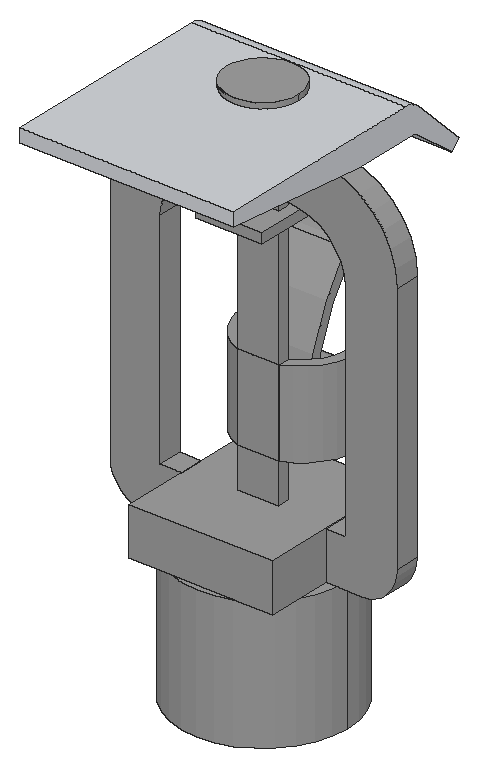
Revit family
Parameters (values of type "RASCO G VSW")
  Temperature Rating = 165 °F
  Response = (empty or 0)
  RASCO SIN # = "R1285"
  RASCO Part # = "GV1C"
  Pressure Rating = "175 PSI"
  Pressure Class = (empty or 0)
  Orifice Size = 1/2"
  Orifice = (empty or 0)
  Model = "G"
  Manufacturer = "RASCO"
  K-Factor = 5.62
  Description = "Chrome Finish"
  Coverage = (empty or 0)
Reference planes (in)
  plane 1 "Center (Front/Back)": y = 0
  plane 2: z = 0
  plane 3 "Center (Left/Right)": x = 0
Dimensions and locks (in)
  aligned and locked: plane 2 to level
Nested families (in)
  nested 1: "GV1C" at (0, 0, 0), type "RASCO G VSW"
Connectors (in)
  piping at (0, 0, 0)
    settings: on nested 1, index 1, connector radius 0.45", flow factor 0, pipe flow 0 GPM, pressure drop 0.00 psi, fitting loss kfactor 0, connector angle 0.00°, fixture units 0, flow configuration 0, flow direction 0, fitting loss method 0, system type 7, connector reference index -1, connector utility 0, adjustable connector no, is connector primary yes, fitting loss table "", connector description ""
Definition of nested family "GV1C"
  Parameters (values of type "RASCO G VSW")
    Type Comments = ""
    Temperature Rating = 0 °F
    Response = (empty or 0)
    Pressure Rating = "0"
    Pressure Class = (empty or 0)
    Orifice Size = 0"
    Orifice = (empty or 0)
    Model = ""
    Manufacturer = ""
    K-Factor = 0
    Description = ""
    Coverage = (empty or 0)
    Assembly Code = ""
  Reference planes (in)
    plane 1 "Center (Front/Back)": y = 0
    plane 2: z = 0
    plane 3 "ref.2": z = 0.6875
    plane 4 "ref.3": z = 0.9375
    plane 5: x = -0.38065
    plane 6: x = 0.36935
    plane 7 "ref. side 1": y = 0.06402
    plane 8 "ref. side 2": y = -0.06098
    plane 9 "ref.4": z = 1.875
    plane 10 "ref.5": z = 2.875
    plane 11 "center": x = -0.00574
  Forms (in)
    Extrusion 1, solid, material "Default"
      sketch origin (0, 0, 0) x (1, 0, 0) y (0, 1, 0)
        loop
          circle (0, 0) r 0.438
      from 0 to 0.6875
    Extrusion 2, solid, material "Default"
      sketch origin (-0.12185, 0.05177, 0.6875) x (1, 0, 0) y (0, 1, 0)
        loop
          line (-0.2588, 0.356) -> (-0.2588, -0.4565) -> (0.4912, -0.4565) -> (0.4912, 0.356) -> (-0.2588, 0.356)
      from 0 to 0.25
    Extrusion 3, solid, material "Default"
      sketch origin (0, 0, 0) x (1, 0, 0) y (0, 0, 1)
        loop
          line (-0.49248, 0.9375) -> (-0.49248, 2.10276)
          arc (-0.49248, 2.10276) -> (-0.40724, 2.30855) -> (-0.20145, 2.39379) r 0.29103
          line (-0.20145, 2.39379) -> (0.18108, 2.39379)
          arc (0.18108, 2.39379) -> (0.38905, 2.30765) -> (0.47519, 2.09969) r 0.29411
          line (0.47519, 2.09969) -> (0.47519, 0.9375) -> (0.36935, 0.9375) -> (0.36935, 0.6875) -> (0.55741, 0.6875)
          arc (0.55741, 0.6875) -> (0.69165, 0.7431) -> (0.74725, 0.87734) r 0.18984
          line (0.74725, 0.87734) -> (0.74725, 2.19113)
          arc (0.74725, 2.19113) -> (0.61669, 2.50631) -> (0.3015, 2.63687) r 0.44574
          line (0.3015, 2.63687) -> (-0.30719, 2.63687)
          arc (-0.30719, 2.63687) -> (-0.62225, 2.50637) -> (-0.75275, 2.19131) r 0.44556
          line (-0.75275, 2.19131) -> (-0.75275, 0.87876)
          arc (-0.75275, 0.87876) -> (-0.69673, 0.74352) -> (-0.56149, 0.6875) r 0.19126
          line (-0.56149, 0.6875) -> (-0.38065, 0.6875) -> (-0.38065, 0.9375) -> (-0.49248, 0.9375)
      from -0.06402 to 0.06098
    Extrusion 4, solid, material "Default"
      sketch origin (-0.00199, 0, 2.4375) x (-1, 0, 0) y (0, -1, 0)
        loop
          circle (0.00574, -0.00152) r 0.1875
      from -0.04371 to 0.4375
    Extrusion 5, solid, material "Default"
      sketch origin (0, 0, 0.9375) x (-1, 0, 0) y (0, -1, 0)
        loop
          line (-0.10175, -0.02852) -> (0.11324, -0.02852) -> (0.11324, 0.03101) -> (-0.10175, 0.03101) -> (-0.10175, -0.02852)
      from 0 to 1.45629
    Extrusion 6, solid, material "Default"
      sketch origin (-0.00574, -0.0095, -0.07537) x (0, 0, -1) y (0, -1, 0)
        loop
          line (-2.39379, 0.21198) -> (-2.39379, -0.229)
          arc (-2.39379, -0.229) -> (-2.26956, -0.41579) -> (-2.04926, -0.37342) r 0.20254
          arc (-2.04926, -0.37342) -> (-1.6599, -0.16721) -> (-1.22163, -0.12207) r 1.15319
          line (-1.22163, -0.12207) -> (-1.22163, -0.07087)
          arc (-1.22163, -0.07087) -> (-1.6782, -0.11947) -> (-2.0834, -0.33544) r 1.20419
          arc (-2.0834, -0.33544) -> (-2.24878, -0.36919) -> (-2.34279, -0.229) r 0.15154
          line (-2.34279, -0.229) -> (-2.34279, 0.21198) -> (-2.39379, 0.21198)
      from -0.17255 to 0.17398
    Extrusion 7, solid, material "Default"
      sketch origin (0, 0, 0) x (1, 0, 0) y (0, 1, 0)
        loop
          arc (0.23993, 0.23051) -> (0.19768, 0.11115) -> (0.10175, 0.02852) r 0.24647
          line (0.10175, 0.02852) -> (-0.11324, 0.02852)
          arc (-0.11324, 0.02852) -> (-0.21767, 0.12447) -> (-0.25194, 0.2621) r 0.24647
          line (-0.25194, 0.2621) -> (-0.25194, 0.40777) -> (-0.30719, 0.40777) -> (-0.30719, 0.25942)
          arc (-0.30719, 0.25942) -> (-0.25653, 0.08328) -> (-0.11324, -0.03101) r 0.30157
          line (-0.11324, -0.03101) -> (0.10175, -0.03101)
          arc (0.10175, -0.03101) -> (0.24461, 0.08262) -> (0.29574, 0.25785) r 0.30157
          line (0.29574, 0.25785) -> (0.29574, 0.40777) -> (0.23993, 0.40777) -> (0.23993, 0.23051)
      from 1.14626 to 1.59756
    Extrusion 8, solid, material "Default"
      sketch origin (-0.00574, -0.0095, -0.07537) x (0, 0, -1) y (0, -1, 0)
        loop
          circle (-1.44728, -0.26892) r 0.13147
      from -0.24568 to 0.24619
  Cuts and joins
    joined: Extrusion 1, Extrusion 2
  Dimensions and locks (in)
    plane 10 "ref.5" to level = 2.875"
  Nested families (in)
    nested 1: "EXTRUSION" at (-0.00574, 0, 0.63202) x (0, -1, 0) z (0, 0, 1), type "EXTRUSION"
  Definition of nested family "EXTRUSION"
    Parameters (values of type "EXTRUSION")
      Type Comments = ""
      Temperature Rating = 0 °F
      Response = (empty or 0)
      Pressure Rating = "0"
      Pressure Class = (empty or 0)
      Orifice Size = 0"
      Orifice = (empty or 0)
      Model = ""
      Manufacturer = ""
      K-Factor = 0
      Description = ""
      Coverage = (empty or 0)
      Assembly Code = ""
    Reference planes (in)
      plane 1 "Center (Front/Back)": y = 0
      plane 2: z = 0
      plane 3 "ref.2": z = 0.6875
      plane 4 "ref.3": z = 0.9375
      plane 5: x = -0.38065
      plane 6: x = 0.36935
      plane 7 "ref. side 1": y = 0.06402
      plane 8 "ref. side 2": y = -0.06098
      plane 9 "ref.4": z = 1.875
      plane 10 "ref.5": z = 2.24902
      plane 11 "ref.6": z = 2.4375
      plane 12 "void": z = 2.0625
    Forms (in)
      Extrusion 1, solid
        sketch origin (-0.03679, 0, -0.06016) x (1, 0, 0) y (0, 0, 1)
          loop
            arc (-0.19445, 2.27627) -> (-0.23939, 2.26733) -> (-0.27749, 2.24188) r 0.11743
            line (-0.27749, 2.24188) -> (-0.54045, 1.97891) -> (-0.49488, 1.93334) -> (-0.25503, 2.12072) -> (0.10902, 2.12072) -> (0.92351, 2.20633) -> (0.92351, 2.27627) -> (-0.19445, 2.27627)
        from -0.5584 to 0.5566
    Lines and regions (in)
      model lines
        curve 1: line (-0.00574, 0.06402, 1.875) -> (-0.00574, -0.06098, 1.875)
